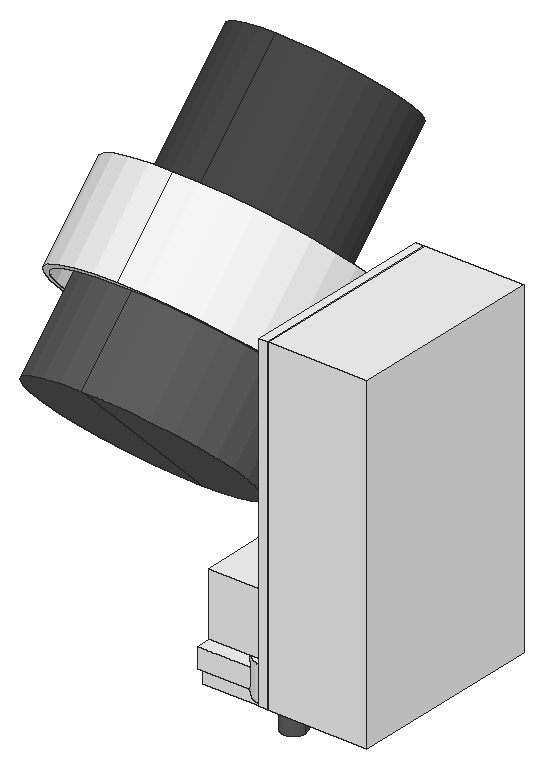
Revit family "Zaniboni-Gala-5_Inch_Fixed_Track-1", category Lighting Fixtures, host Face, Revit 2016
Family settings
  Host = Face
  Part Type = Normal
  Round Connector Dimension = Use Diameter
  Cut with Voids When Loaded = No
  Light Source = Yes
  Shared = No
  Room Calculation Point = No
Parameters (values of type "K4-G5SNO-0927A-10°C-WS")
  Width = 7.40631"
  Wattage Comments = "7W"
  Wattage = 9.2903 W
  built-in parameter 1150110 = 1 (stored number, unit not read)
  Voltage = 120 V
  URL = "www.zanibonilighting.com"
  Type Comments = "Gala"  # constant formula
  built-in parameter 1114217 = 1 (stored number, unit not read)
  Tilt Angle = 90.00°
  built-in parameter 1150109 = 1 (stored number, unit not read)
  built-in parameter 1150134 = 3
  built-in parameter 1150113 = 1 (stored number, unit not read)
  Support Finish = ZBN - Metal Matte White
  Screen Finish = ZBN - Glass
  Photometric Web File = "generic"
  built-in parameter 1150142 = (empty or 0)
  Model = "K4-G5SNO-0927A-10°C-WS"
  Mechanism Finish = ZBN - Plastic-Black
  Manufacturer = "Zaniboni"  # constant formula
  built-in parameter 1150105 = 109.82 (stored number, unit not read)
  Lumens = 1380 lm
  built-in parameter 1150115 = 1 (stored number, unit not read)
  built-in parameter 1150137 = (empty or 0)
  built-in parameter 1150139 = (empty or 0)
  built-in parameter 1150112 = 1 (stored number, unit not read)
  built-in parameter 1150114 = 1 (stored number, unit not read)
  Keynote = "12500"
  Kelvin = "2700K"
  built-in parameter 1150132 = (empty or 0)
  built-in parameter 1150102 = (empty or 0)
  built-in parameter 1150107 = 3200 (stored number, unit not read)
  built-in parameter 1150138 = (empty or 0)
  built-in parameter 1150106 = 1.0982 (stored number, unit not read)
  Frame Finish = ZBN - Metal Matte Black
  Emit from Circle Diameter = 5"
  Emit Shape Visible in Rendering = no
  built-in parameter 1150104 = 13.8 (stored number, unit not read)
  Dimming Lamp Color Temperature Shift = <None>
  Description = "5 inch Round Fixed"
  Default Elevation = 48"
  Color Filter = 16777215
  CRI = "80"
  Body Finish = ZBN - Metal Matte White
  Beam = "10°"
  built-in parameter 1114218 = 1 (stored number, unit not read)
  built-in parameter 1150133 = 10 (stored number, unit not read)
  Assembly Code = "E1020300"
Reference planes (in)
  plane 1 "Center (Front/Back)": y = 0
  plane 2: z = 0
  plane 3 "Center (Left/Right)": x = 0
  plane 4: through (0, -3.96983, 6.98031) normal (0, -0.7071, -0.7071)
  plane 5: x = -4.33234
  plane 6: x = 0.90025
  plane 7: x = 3.07397
Forms (in)
  Extrusion 1, solid, material "ZBN - Metal Matte White" <- "Support Finish"
    sketch origin (0, 0, 0) x (0, 1, 0) y (0, 0, 1)
      loop
        line (-0.2375, 0) -> (0.2375, 0) -> (0.2375, 0.328) -> (0.375, 0.328) -> (0.375, 0.725) -> (-0.375, 0.725) -> (-0.375, 0.328) -> (-0.2375, 0.328) -> (-0.2375, 0)
    from -1.63449 to 1.63449
  Revolve 2, solid, material "ZBN - Metal Matte White" <- "Body Finish"
    sketch origin (0, 0, 0) x (1, 0, 0) y (0, 0, 1)
      loop
        line (0, 1.213) -> (0, 0.328) -> (0.68431, 0.328) -> (0.68431, 1.02508) -> (0.58189, 1.1275) -> (0.43431, 1.1275) -> (0.43431, 1.213) -> (0, 1.213)
      axis (0, 1.213) -> (0, 0.328)
    angle from 0 to 360
  Extrusion 3, void
    sketch origin (0, 0, 0) x (0, 1, 0) y (0, 0, 1)
      loop
        line (0.375, 0.225) -> (0.375, 0.725) -> (-0.375, 0.725) -> (-0.375, 0.225) -> (0.375, 0.225)
    from -0.86378 to 0.8182
  Extrusion 4, solid, material "ZBN - Plastic-Black" <- "Mechanism Finish"
    sketch origin (0, 0, 0) x (1, 0, 0) y (0, 1, 0)
      loop
        circle (0, 0) r 0.2375
    from -0.35073 to 0
  Extrusion 5, void
    sketch origin (0, 0, 0) x (1, 0, 0) y (0, 1, 0)
      loop
        circle (0, 0) r 0.30579
    from 0.18723 to -12.93971
  Extrusion 6, solid, material "ZBN - Metal Matte White" <- "Body Finish"
    sketch origin (0, 0, 0.01562) x (1, 0, 0) y (0, 0, 1)
      loop
        line (3.07397, 7.86482) -> (1.07397, 7.86482) -> (1.07397, 1.23982) -> (3.07397, 1.23982) -> (3.07397, 7.86482)
    from -1.94131 to 1.99967
  Extrusion 7, solid, material "ZBN - Metal Matte White" <- "Body Finish"
    sketch origin (0, 0, 0.01562) x (1, 0, 0) y (0, 0, 1)
      loop
        line (0.90025, 1.24007) -> (1.07397, 1.24007) -> (1.07397, 7.86482) -> (0.90025, 7.86482) -> (0.90025, 1.24007)
    from -1.94131 to 1.99967
  Extrusion 8, solid, material "ZBN - Metal Matte White" <- "Body Finish"
    sketch origin (-7.91578, -3.78201, 6.79248) x (0, -0.707107, 0.707107) y (-1, 0, 0)
      loop
        circle (-2.7769, -6.17051) r 2.58707
      loop
        circle (-2.78471, -6.17833) r 2.48446
    from -3.95646 to -1.98299
  Revolve 9, solid, material "ZBN - Plastic-Black" <- "Mechanism Finish"
    sketch origin (-1.73437, 0, 0) x (0, 1, 0) y (0, 0, 1)
      loop
        line (-1.64887, 5.00059) -> (-1.14719, 5.50227) -> (-2.57198, 6.92706) -> (-1.00612, 8.49292) -> (-1.15145, 8.63824) -> (-1.30921, 8.48048) -> (-1.24931, 8.42058) -> (-3.15908, 6.51081) -> (-1.64887, 5.00059)
      axis (-1.64887, 5.00059) -> (0.41867, 7.06813)
    angle from 0 to 360
  Revolve 10, solid, material "ZBN - Metal Matte Black" <- "Frame Finish"
    sketch origin (-1.73437, 0, 0) x (0, 1, 0) y (0, 0, 1)
      loop
        line (-0.87909, 8.50843) -> (-0.74394, 9.27489)
        arc (-0.74394, 9.27489) -> (-0.74629, 9.328) -> (-0.77093, 9.3751) r 0.12247
        line (-0.77093, 9.3751) -> (-1.61081, 8.53522) -> (-1.23155, 8.15596) -> (-0.87909, 8.50843)
      axis (0.14325, 6.78116) -> (0.98313, 7.62105)
    angle from 0 to 360
  Revolve 11, solid, material "ZBN - Metal Matte White" <- "Body Finish"
    sketch origin (-1.72635, 0.07734, -0.07734) x (0, 1, 0) y (0, 0, 1)
      loop
        line (-1.11391, 5.67869) -> (-1.05168, 5.74092) -> (-1.60271, 6.29194)
        arc (-1.60271, 6.29194) -> (-1.54382, 7.4548) -> (-0.99476, 8.48156) r 2.66501
        line (-0.99476, 8.48156) -> (-1.03744, 8.52424)
        arc (-1.03744, 8.52424) -> (-1.6288, 7.44694) -> (-1.65348, 6.21826) r 2.57481
        line (-1.65348, 6.21826) -> (-1.11391, 5.67869)
      axis (-1.11391, 5.67869) -> (0.3471, 7.1397)
    angle from 0 to 360
  Extrusion 12, solid, material "ZBN - Glass" <- "Screen Finish"
    sketch origin (-7.94703, -3.78201, 6.79248) x (0, -0.707107, 0.707107) y (-1, 0, 0)
      loop
        circle (-2.7769, -6.20176) r 1.95097
    from -3.16524 to -3.31022
  Extrusion 13, solid, material "ZBN - Metal Matte White" <- "Body Finish"
    sketch origin (0, 0, 0) x (1, 0, 0) y (0, 0, 1)
      loop
        line (-1.1076, 2.47971) -> (-1.1076, 1.213) -> (0.90025, 1.213) -> (0.90025, 2.47971) -> (-1.1076, 2.47971)
    from -0.74624 to 0.74225
  Extrusion 14, solid, material "ZBN - Metal Matte Black" <- "Frame Finish"
    sketch origin (0.15625, -3.72676, 6.73724) x (0, -0.707107, 0.707107) y (-1, 0, 0)
      loop
        circle (-2.64423, 1.85064) r 1.75
      loop
        circle (-2.64423, 1.85064) r 1.69016
    from -6.7341 to -2.94213
  Extrusion 15, solid, material "ZBN - Metal Matte Black" <- "Frame Finish"
    sketch origin (-0.09375, -3.72676, 6.73724) x (0, -0.707107, 0.707107) y (-1, 0, 0)
      loop
        circle (-2.64423, 1.5933) r 1.1762
      loop
        circle (-2.64423, 1.5933) r 1.25
    from -6.7341 to -2.94213
  Extrusion 16, solid, material "ZBN - Metal Matte Black" <- "Frame Finish"
    sketch origin (-1.09375, -3.72676, 6.73724) x (0, -0.707107, 0.707107) y (-1, 0, 0)
      loop
        circle (-2.63642, 0.60893) r 0.75
      loop
        circle (-2.63642, 0.60893) r 0.70738
    from -6.7341 to -2.94213
  Extrusion 17, solid, material "ZBN - Metal Matte Black" <- "Frame Finish"
    sketch origin (-2.09375, -3.72676, 6.73724) x (0, -0.707107, 0.707107) y (-1, 0, 0)
      loop
        circle (-2.63642, -0.39107) r 0.21879
      loop
        circle (-2.63642, -0.39107) r 0.25
    from -6.7341 to -2.94213
  Extrusion 18, solid, material "ZBN - Metal Matte Black" <- "Frame Finish"
    sketch origin (0, -3.96983, 6.98031) x (0, -0.707107, 0.707107) y (-1, 0, 0)
      loop
        line (-2.73273, 1.66699) -> (-2.28613, 1.66699) -> (-2.28613, 1.72635) -> (-2.73273, 1.72635) -> (-2.73273, 1.66699)
      loop
        line (-2.22908, 1.66699) -> (-1.81373, 1.66699) -> (-1.81373, 1.72635) -> (-2.22908, 1.72635) -> (-2.22908, 1.66699)
      loop
        line (-1.72928, 1.66699) -> (-1.31393, 1.66699) -> (-1.31393, 1.72635) -> (-1.72928, 1.72635) -> (-1.72928, 1.66699)
      loop
        line (-3.24316, 1.66699) -> (-3.24316, 1.72635) -> (-3.68976, 1.72635) -> (-3.68976, 1.66699) -> (-3.24316, 1.66699)
      loop
        line (-3.74681, 1.66699) -> (-3.74681, 1.72635) -> (-4.16216, 1.72635) -> (-4.16216, 1.66699) -> (-3.74681, 1.66699)
      loop
        line (-4.24661, 1.66699) -> (-4.24661, 1.72635) -> (-4.66196, 1.72635) -> (-4.66196, 1.66699) -> (-4.24661, 1.66699)
      loop
        line (-2.95049, 1.43368) -> (-3.00985, 1.43368) -> (-3.00985, 0.98709) -> (-2.95049, 0.98709) -> (-2.95049, 1.43368)
      loop
        line (-2.95049, 0.93003) -> (-3.00985, 0.93003) -> (-3.00985, 0.51468) -> (-2.95049, 0.51468) -> (-2.95049, 0.93003)
      loop
        line (-2.95049, 0.43023) -> (-3.00985, 0.43023) -> (-3.00985, 0.01488) -> (-2.95049, 0.01488) -> (-2.95049, 0.43023)
      loop
        line (-2.95049, 1.95965) -> (-2.95049, 2.40625) -> (-3.00985, 2.40625) -> (-3.00985, 1.95965) -> (-2.95049, 1.95965)
      loop
        line (-2.95049, 2.46331) -> (-2.95049, 2.87865) -> (-3.00985, 2.87865) -> (-3.00985, 2.46331) -> (-2.95049, 2.46331)
      loop
        line (-2.95049, 2.96311) -> (-2.95049, 3.37846) -> (-3.00985, 3.37846) -> (-3.00985, 2.96311) -> (-2.95049, 2.96311)
    from -6.21419 to -3.95646
Cuts and joins
  Extrusion 3 cuts Revolve 2
Lines and regions (in)
  symbolic lines
    curve 1: circle (0, 0, 0) r 1.13914 normal (0, 0, 1)
  symbolic lines, style "LightingFixturesHiddenLines", detail levels fine
    curve 2: line (3.07397, 1.94131, 0) -> (0.90025, 1.94131, 0)
    curve 3: line (3.07397, -1.99967, 0) -> (3.07397, 1.94131, 0)
    curve 4: line (0.90025, -1.99967, 0) -> (3.07397, -1.99967, 0)
    curve 5: line (0.90025, 1.94131, 0) -> (0.90025, -1.99967, 0)
    curve 6: spline (-1.74527, -0.85014, 0) -> (-1.22006, -0.81205, 0) -> (-0.71672, -0.69935, 0) -> (-0.25623, -0.51675, 0) -> (0.14226, -0.27185, 0) -> (0.46213, 0.02516, 0) -> (0.69007, 0.36191, 0) -> (0.81658, 0.72436, 0) -> (0.8364, 1.09742, 0) -> (0.74869, 1.46556, 0) -> (0.55712, 1.81345, 0) -> (0.26966, 2.12658, 0) -> (-0.10172, 2.39194, 0)
    curve 7: spline (-1.73437, -3.15908, 0) -> (-1.43296, -3.14397, 0) -> (-1.13758, -3.09892, 0) -> (-0.85414, -3.02486, 0) -> (-0.58833, -2.92325, 0) -> (-0.34545, -2.79612, 0) -> (-0.13038, -2.64604, 0) -> (0.05258, -2.47599, 0) -> (0.19978, -2.28939, 0) -> (0.30826, -2.08997, 0) -> (0.37585, -1.88171, 0) -> (0.40121, -1.6688, 0) -> (0.38381, -1.45549, 0)
    curve 8: spline (-1.74527, -2.2456, 0) -> (-2.08295, -2.22995, 0) -> (-2.41485, -2.18327, 0) -> (-2.7353, -2.10635, 0) -> (-3.0388, -2.00051, 0) -> (-3.32018, -1.86757, 0) -> (-3.57461, -1.7098, 0) -> (-3.79773, -1.52989, 0) -> (-3.98574, -1.33093, 0) -> (-4.13541, -1.11632, 0) -> (-4.24419, -0.88973, 0) -> (-4.31021, -0.65504, 0) -> (-4.33234, -0.41626, 0)
    curve 9: line (-4.33234, 0.97919, 0) -> (-4.33234, -0.41626, 0)
    curve 10: line (0.84181, 0.97919, 0) -> (0.84181, -0.41626, 0)
    curve 11: spline (0.84181, -0.41626, 0) -> (0.81967, -0.65504, 0) -> (0.75365, -0.88973, 0) -> (0.64488, -1.11632, 0) -> (0.4952, -1.33093, 0) -> (0.3072, -1.52989, 0) -> (0.08407, -1.7098, 0) -> (-0.17036, -1.86757, 0) -> (-0.45173, -2.00051, 0) -> (-0.75524, -2.10635, 0) -> (-1.07568, -2.18327, 0) -> (-1.40759, -2.22995, 0) -> (-1.74527, -2.2456, 0)
    curve 12: spline (-3.85581, -1.47422, 0) -> (-3.86949, -1.6861, 0) -> (-3.84106, -1.89724, 0) -> (-3.77107, -2.10349, 0) -> (-3.66092, -2.30076, 0) -> (-3.51276, -2.48518, 0) -> (-3.32952, -2.65311, 0) -> (-3.11483, -2.80122, 0) -> (-2.8729, -2.92661, 0) -> (-2.60852, -3.02679, 0) -> (-2.3269, -3.0998, 0) -> (-2.03359, -3.14419, 0) -> (-1.73437, -3.15908, 0)
    curve 13: spline (-1.69439, 4.14215, 0) -> (-2.14733, 4.09999, 0) -> (-2.56939, 3.97637, 0) -> (-2.93183, 3.77972, 0) -> (-3.20994, 3.52344, 0) -> (-3.38476, 3.22499, 0) -> (-3.44439, 2.90472, 0) -> (-3.38476, 2.58445, 0) -> (-3.20994, 2.286, 0) -> (-2.93183, 2.02972, 0) -> (-2.56939, 1.83307, 0) -> (-2.14733, 1.70945, 0) -> (-1.69439, 1.66728, 0)
    curve 14: spline (-1.69439, 1.66728, 0) -> (-1.24146, 1.70945, 0) -> (-0.81939, 1.83307, 0) -> (-0.45696, 2.02972, 0) -> (-0.17885, 2.286, 0) -> (-0.00402, 2.58445, 0) -> (0.05561, 2.90472, 0) -> (-0.00402, 3.22499, 0) -> (-0.17885, 3.52344, 0) -> (-0.45696, 3.77972, 0) -> (-0.81939, 3.97637, 0) -> (-1.24146, 4.09999, 0) -> (-1.69439, 4.14215, 0)
    curve 15: line (-3.44439, 2.90472, 0) -> (-3.44439, -0.39277, 0)
    curve 16: line (0.05561, 2.90472, 0) -> (0.05561, -0.33465, 0)
    curve 17: spline (-3.31304, 2.43436, 0) -> (-3.70345, 2.1747, 0) -> (-4.00982, 1.86372, 0) -> (-4.21898, 1.51478, 0) -> (-4.32197, 1.14285, 0) -> (-4.31436, 0.76389, 0) -> (-4.19649, 0.39418, 0) -> (-3.9734, 0.04958, 0) -> (-3.65468, -0.25513, 0) -> (-3.25401, -0.50685, 0) -> (-2.78857, -0.69479, 0) -> (-2.27836, -0.81088, 0) -> (-1.74527, -0.85014, 0)
Dimensions and locks (in)
  locked: plane 6 to plane 7 at 2.17372
  "Width": plane 5 to plane 7
  aligned and locked: plane 2 to host face
  aligned and locked: level to host face
  aligned and locked: level to Extrusion 4
  aligned and locked: curve 2 to Extrusion 6
  aligned and locked: curve 3 to Extrusion 6
  aligned and locked: curve 4 to Extrusion 6
  aligned and locked: curve 5 to Extrusion 7
Automatic sketch dimensions
  curve 9 to plane 5 = 0"
  curve 11 to plane 5 = 0"
  plane 1 "Center (Front/Back)" to curve 1 = 0"
  plane 3 "Center (Left/Right)" to curve 1 = 0"
  plane 6 to curve 10 = 0.05844"
  plane 1 "Center (Front/Back)" to curve 9 = 0.41626"
  plane 1 "Center (Front/Back)" to curve 10 = 0.41626"
  curve 12 to plane 5 = 0.47653"
  plane 1 "Center (Front/Back)" to curve 15 = 0.39277"
  curve 15 to plane 5 = 0.88795"
  curve 15 to curve 17 = 0.13135"
  curve 17 to curve 11 = 0"
  curve 8 to curve 7 = 0.01089"
  curve 13 to plane 3 "Center (Left/Right)" = 1.69439"
  curve 6 to plane 3 "Center (Left/Right)" = 0.10172"
  curve 16 to curve 13 = 0"  (x2)
  plane 3 "Center (Left/Right)" to curve 7 = 0.38381"
  curve 7 to curve 12 = 0.01758"
  curve 7 to curve 12 = 0"
  curve 8 to curve 8 = 1.82934"
  curve 7 to curve 8 = 0.91348"
  curve 17 to curve 8 = 0.43388"
  plane 1 "Center (Front/Back)" to curve 16 = 0.33465"
  curve 6 to plane 1 "Center (Front/Back)" = 0.97919"
  curve 17 to curve 6 = 0"
  curve 9 to plane 1 "Center (Front/Back)" = 0.97919"
  curve 10 to curve 17 = 0"
  curve 17 to curve 15 = 0.47036"
  host sketch curve to host sketch curve = 96"  (x2)
  Extrusion 1 sketch curve to level = 0"
  plane 1 "Center (Front/Back)" to Extrusion 1 sketch curve = 3/8"
  Extrusion 1 sketch curve to Extrusion 1 sketch curve = 0.1375"  (x2)
  Extrusion 1 sketch curve to plane 1 "Center (Front/Back)" = 0.2375"
  Extrusion 1 sketch curve to Extrusion 1 sketch curve = 0.328"
  level to Extrusion 1 sketch curve = 0.328"
  Extrusion 1 sketch curve to Extrusion 1 sketch curve = 0.397"
  plane 3 "Center (Left/Right)" to Revolve 2 sketch curve = 0"  (x2)
  Revolve 2 sketch curve to Revolve 2 sketch curve = 0.43431"
  Revolve 2 sketch curve to Revolve 2 sketch curve = 0.14758"
  plane 6 to Revolve 2 sketch curve = 0.21594"
  level to Revolve 2 sketch curve = 0.328"
  Revolve 2 sketch curve to Revolve 2 sketch curve = 0.69708"
  Revolve 2 sketch curve to Revolve 2 sketch curve = 0.10242"
  Revolve 2 sketch curve to Revolve 2 sketch curve = 0.0855"
  Revolve 2 sketch curve to Revolve 2 sketch curve = 0.31031"
  Revolve 2 sketch curve to Revolve 2 sketch curve = 0"
  plane 1 "Center (Front/Back)" to Extrusion 3 sketch curve = 3/8"
  Extrusion 3 sketch curve to plane 1 "Center (Front/Back)" = 3/8"
  level to Extrusion 3 sketch curve = 0.225"
  Extrusion 3 sketch curve to Extrusion 3 sketch curve = 1/2"
  plane 1 "Center (Front/Back)" to Extrusion 4 sketch curve = 0"
  plane 3 "Center (Left/Right)" to Extrusion 4 sketch curve = 0"
  plane 1 "Center (Front/Back)" to Extrusion 5 sketch curve = 0"
  plane 3 "Center (Left/Right)" to Extrusion 5 sketch curve = 0"
  plane 7 to Extrusion 6 sketch curve = 0"
  Extrusion 6 sketch curve to plane 6 = 0.17372"
  level to Extrusion 6 sketch curve = 1.25544"
  Extrusion 6 sketch curve to Extrusion 6 sketch curve = 6 5/8"
  plane 6 to Extrusion 7 sketch curve = 0"
  Extrusion 7 sketch curve to Extrusion 7 sketch curve = 0.17372"
  level to Extrusion 7 sketch curve = 1.25569"
  Extrusion 7 sketch curve to Extrusion 7 sketch curve = 6.62475"
  Extrusion 8 sketch curve to plane 3 "Center (Left/Right)" = 1.73746"
  Extrusion 8 sketch curve to Extrusion 8 sketch curve = 1/128"  (x2)
  plane 1 "Center (Front/Back)" to Revolve 9 sketch curve = 3.15908"
  Revolve 9 sketch curve to Revolve 9 sketch curve = 0.5871"
  plane 1 "Center (Front/Back)" to Revolve 9 sketch curve = 1.64887"
  plane 1 "Center (Front/Back)" to Revolve 9 sketch curve = 1.30921"
  Revolve 9 sketch curve to Revolve 9 sketch curve = 0.0599"
  Revolve 9 sketch curve to Revolve 9 sketch curve = 0.15776"
  Revolve 9 sketch curve to Revolve 9 sketch curve = 0.50168"  (x2)
  level to Revolve 9 sketch curve = 5.00059"
  plane 1 "Center (Front/Back)" to Revolve 9 sketch curve = 0.57426"
  Revolve 9 sketch curve to plane 1 "Center (Front/Back)" = 0.41867"
  Revolve 9 sketch curve to Revolve 9 sketch curve = 0.57293"
  Revolve 9 sketch curve to Revolve 9 sketch curve = 0.99293"
  plane 1 "Center (Front/Back)" to Revolve 10 sketch curve = 1.61081"
  Revolve 10 sketch curve to Revolve 10 sketch curve = 0.37926"
  Revolve 10 sketch curve to Revolve 10 sketch curve = 0.35247"  (x2)
  Revolve 10 sketch curve to Revolve 10 sketch curve = 0.01454"
  Revolve 10 sketch curve to Revolve 10 sketch curve = 0.09362"
  Revolve 10 sketch curve to Revolve 10 sketch curve = 0.02699"
  level to Revolve 10 sketch curve = 8.15596"
  Revolve 10 sketch curve to Revolve 10 sketch curve = 0.10022"
  plane 1 "Center (Front/Back)" to Revolve 10 sketch curve = 0.97434"
  Revolve 10 sketch curve to plane 1 "Center (Front/Back)" = 1.85409"
  Revolve 10 sketch curve to Revolve 10 sketch curve = 2.49239"
  Revolve 10 sketch curve to Revolve 10 sketch curve = 0.78288"
  plane 1 "Center (Front/Back)" to Revolve 11 sketch curve = 1.57614"
  Revolve 11 sketch curve to Revolve 11 sketch curve = 13/256"
  Revolve 11 sketch curve to Revolve 11 sketch curve = 0.53957"
  Revolve 11 sketch curve to Revolve 11 sketch curve = 0.06223"  (x2)
  plane 1 "Center (Front/Back)" to Revolve 11 sketch curve = 0.9601"
  Revolve 11 sketch curve to Revolve 11 sketch curve = 0.04267"
  Revolve 11 sketch curve to plane 1 "Center (Front/Back)" = 0.93611"
  Revolve 11 sketch curve to Revolve 11 sketch curve = 0.16528"
  level to Revolve 11 sketch curve = 5.60135"
  Revolve 11 sketch curve to Revolve 11 sketch curve = 1.00092"
  Revolve 11 sketch curve to Revolve 11 sketch curve = 0.04055"
  Revolve 11 sketch curve to Revolve 11 sketch curve = 1/32"  (x2)
  plane 1 "Center (Front/Back)" to Revolve 11 sketch curve = 0.1099"
  Revolve 11 sketch curve to Revolve 11 sketch curve = 0.17703"
  Extrusion 12 sketch curve to plane 3 "Center (Left/Right)" = 1.74527"
  plane 6 to Extrusion 13 sketch curve = 0"
  Extrusion 13 sketch curve to plane 3 "Center (Left/Right)" = 1.1076"
  level to Extrusion 13 sketch curve = 1.213"
  Extrusion 13 sketch curve to Extrusion 13 sketch curve = 1.26671"
  Extrusion 14 sketch curve to Extrusion 14 sketch curve = 0"  (x2)
  Extrusion 14 sketch curve to plane 3 "Center (Left/Right)" = 1.69439"
  Extrusion 15 sketch curve to Extrusion 15 sketch curve = 0"  (x2)
  Extrusion 15 sketch curve to plane 3 "Center (Left/Right)" = 1.68705"
  Extrusion 16 sketch curve to Extrusion 16 sketch curve = 0"  (x2)
  Extrusion 16 sketch curve to plane 3 "Center (Left/Right)" = 1.70268"
  Extrusion 17 sketch curve to Extrusion 17 sketch curve = 0"  (x2)
  Extrusion 17 sketch curve to plane 3 "Center (Left/Right)" = 1.70268"
  Extrusion 18 sketch curve to plane 3 "Center (Left/Right)" = 1.72635"
  Extrusion 18 sketch curve to Extrusion 18 sketch curve = 0.41535"  (x7)
  Extrusion 18 sketch curve to Extrusion 18 sketch curve = 0.08445"  (x4)
  Extrusion 18 sketch curve to Extrusion 18 sketch curve = 0.05706"  (x4)
  Extrusion 18 sketch curve to Extrusion 18 sketch curve = 0.4466"  (x4)
  Extrusion 18 sketch curve to Extrusion 18 sketch curve = 0.23331"  (x4)
  Extrusion 18 sketch curve to Extrusion 18 sketch curve = 0"  (x12)
  Extrusion 18 sketch curve to Extrusion 18 sketch curve = 0.05935"  (x9)
  Extrusion 18 sketch curve to Extrusion 18 sketch curve = 0.21776"
  Extrusion 18 sketch curve to plane 3 "Center (Left/Right)" = 0.01488"
  radius of curve 1 = 1.13914"
  radius of Extrusion 4 sketch curve = 0.2375"
  radius of Extrusion 5 sketch curve = 0.30579"
  radius of Extrusion 8 sketch curve = 2.58707"
  radius of Extrusion 8 sketch curve = 2.48446"
  radius of Extrusion 12 sketch curve = 1.95097"
  radius of Extrusion 14 sketch curve = 1 3/4"
  radius of Extrusion 14 sketch curve = 1.69016"
  radius of Extrusion 15 sketch curve = 1.1762"
  radius of Extrusion 15 sketch curve = 1 1/4"
  radius of Extrusion 16 sketch curve = 3/4"
  radius of Extrusion 16 sketch curve = 0.70738"
  radius of Extrusion 17 sketch curve = 0.21879"
  radius of Extrusion 17 sketch curve = 1/4"
Connectors (in)
  electrical at (0, 0, -0.35073), driven by "Voltage"
    settings: on Extrusion 4, index 1, voltage 120 V, apparent load 0 VA, apparent load phase1 0 VA, apparent load phase2 0 VA, apparent load phase3 0 VA, power factor 1, load classification "Other", number of poles 1, system type 31, power factor state 1, is connector primary yes, connector utility no, sub classification motor no, connector description ""
